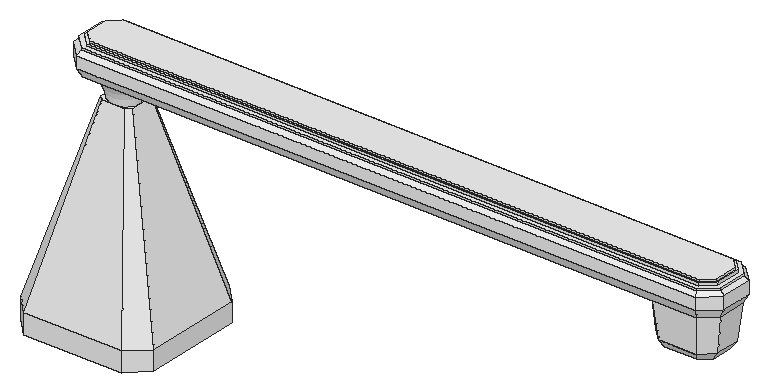
Revit family "Towel_Bar-DXV-Belshire-D35170190_Series", category Specialty Equipment, host Face, Revit 2019
Family settings
  Host = Face
  Round Connector Dimension = Use Diameter
  Part Type = Normal
  OmniClass Number = 23.40.20.21.27
  OmniClass Title = Towel Bars
  Cut with Voids When Loaded = No
  Shared = Yes
  Room Calculation Point = No
Parameters (values of type "D35170190.100")
  Width = 9 1/8"
  URL = "https://www.dxv.com/en/"
  Type Comments = ""
  Product Page URL = "https://www.dxv.com/en/product/belshire-towel-arm"
  Product Documentation Link = "https://dxv01.blob.core.windows.net/dxv-product-pdf-files/spec_D35170190_DXV_Belshire_towelarm.pdf"
  Price = "Prices may vary. Please consult Manufacturer Representative for most up-to-date price list."  # constant formula
  Model = "D35170190.100"
  Material = "Metal-DXV-100-Polished Chrome"
  Manufacturer = "DXV"
  Length = 3 9/16"
  Installation Type = "Wall Mount"
  Height = 1 7/8"
  Finish = Metal-DXV-100-Polished Chrome
  Description = "Towel Arm"
  Default Elevation = 40"
  Creation Date = "1/29/2021"
  Assembly Code = "C1030200"
Types (5): name | Model | Material | Finish
  (no name) | "D35170190.100" | "Metal-DXV-100-Polished Chrome" | Metal-DXV-100-Polished Chrome
  D35170190.100 | "D35170190.100" | "Metal-DXV-100-Polished Chrome" | Metal-DXV-100-Polished Chrome
  D35170190.144 | "D35170190.144" | "Metal-DXV-144-Brushed Nickel" | Metal-DXV-144-Brushed Nickel
  D35170190.150 | "D35170190.150" | "Metal-DXV-150-Platinum Nickel" | Metal-DXV-150-Platinum Nickel
  D35170190.427 | "D35170190.427" | "Metal-DXV-427-Stain Brass" | Metal-DXV-427-Stain Brass
Reference planes (in)
  plane 1 "Center (Front/Back)": y = 0
  plane 2: z = 0
  plane 3 "Center (Left/Right)": x = 0
  plane 4: x = -0.9375
  plane 5: x = 0.9375
  plane 6: y = 0.9375
  plane 7: y = -0.9375
  plane 8: z = 3.5625
  plane 9: x = 8.56844
  plane 10: x = -0.55656
  plane 11: y = 0.4375
  plane 12: y = -0.4375
  plane 13: x = 7.52304
Forms (in)
  Extrusion 1, solid, material "Metal-DXV-100-Polished Chrome" <- "Finish"
    sketch origin (0, 0, 0) x (1, 0, 0) y (0, 1, 0)
      loop
        line (-0.6875, 0.9375) -> (-0.9375, 0.6875) -> (-0.9375, -0.6875) -> (-0.6875, -0.9375) -> (0.6875, -0.9375) -> (0.9375, -0.6875) -> (0.9375, 0.6875) -> (0.6875, 0.9375) -> (-0.6875, 0.9375)
    from 0 to 0.2701
  Blend 2, solid, material "Metal-DXV-100-Polished Chrome" <- "Finish"
    base sketch origin (0, 0, 0) x (1, 0, 0) y (0, 1, 0)
      loop
        line (-0.6875, 0.9375) -> (-0.9375, 0.6875) -> (-0.9375, -0.6875) -> (-0.6875, -0.9375) -> (0.6875, -0.9375) -> (0.9375, -0.6875) -> (0.9375, 0.6875) -> (0.6875, 0.9375) -> (-0.6875, 0.9375)
    top sketch origin (0, 0, 0) x (1, 0, 0) y (0, 1, 0)
      loop
        line (-0.16615, 0.22656) -> (-0.22656, 0.16615) -> (-0.22656, -0.16615) -> (-0.16615, -0.22656) -> (0.16615, -0.22656) -> (0.22656, -0.16615) -> (0.22656, 0.16615) -> (0.16615, 0.22656) -> (-0.16615, 0.22656)
    from 0.2701 to 2.82319
  Revolve 3, solid, material "Metal-DXV-100-Polished Chrome" <- "Finish"
    sketch origin (0, 0, 0) x (1, 0, 0) y (0, 0, 1)
      loop
        line (0, 2.82319) -> (0, 3.12732) -> (-0.37437, 3.12732)
        arc (-0.37437, 3.12732) -> (-0.2671, 2.99078) -> (-0.22171, 2.82319) r 0.43543
        line (-0.22171, 2.82319) -> (0, 2.82319)
      axis (0, 3.12732) -> (0, 2.82319)
    angle from 0 to 360
  Extrusion 4, solid, material "Metal-DXV-100-Polished Chrome" <- "Finish"
    sketch origin (0, 0, 0) x (1, 0, 0) y (0, 1, 0)
      loop
        line (-0.33781, 0.4375) -> (-0.55656, 0.21875) -> (-0.55656, -0.21875) -> (-0.33781, -0.4375) -> (8.34969, -0.4375) -> (8.56844, -0.21875) -> (8.56844, 0.21875) -> (8.34969, 0.4375) -> (-0.33781, 0.4375)
    from 3.12732 to 3.5625
  Sweep 5, void
    path in 3D
      loop
        line (-0.55656, 0.21875, 3.12732) -> (-0.33781, 0.4375, 3.12732) -> (0, 0.4375, 3.12732) -> (8.34969, 0.4375, 3.12732) -> (8.56844, 0.21875, 3.12732) -> (8.56844, -0.21875, 3.12732) -> (8.34969, -0.4375, 3.12732) -> (0, -0.4375, 3.12732) -> (-0.33781, -0.4375, 3.12732) -> (-0.55656, -0.21875, 3.12732) -> (-0.55656, 0.21875, 3.12732)
    profile origin (-0.55656, 0, 3.12732) x (1, 0, 0) y (0, 0, -1)
      loop
        line (0, 0) -> (0, -0.11906) -> (0.05963, 0) -> (0, 0)
  Sweep 6, void
    path in 3D
      loop
        line (-0.55656, -0.21875, 3.5625) -> (-0.33781, -0.4375, 3.5625) -> (8.34969, -0.4375, 3.5625) -> (8.56844, -0.21875, 3.5625) -> (8.56844, 0.21875, 3.5625) -> (8.34969, 0.4375, 3.5625) -> (-0.33781, 0.4375, 3.5625) -> (-0.55656, 0.21875, 3.5625) -> (-0.55656, -0.21875, 3.5625)
    profile origin (-0.55656, 0, 3.5625) x (1, 0, 0) y (0, 0, 1)
      loop
        line (0, -0.14616) -> (0.05079, -0.09537) -> (0.05079, -0.0625) -> (0.11329, -0.0625) -> (0.11329, -0.03125) -> (0.14454, -0.03125) -> (0.14454, 0) -> (0, 0) -> (0, -0.14616)
  Blend 7, solid, material "Metal-DXV-100-Polished Chrome" <- "Finish"
    base sketch origin (0, 0, 0) x (1, 0, 0) y (0, 1, 0)
      loop
        line (8.32498, 0.37787) -> (7.70686, 0.37787) -> (7.52304, 0.19405) -> (7.52304, -0.19405) -> (7.70686, -0.37787) -> (8.32498, -0.37787) -> (8.5088, -0.19405) -> (8.5088, 0.19405) -> (8.32498, 0.37787)
    top sketch origin (0, 0, 0) x (1, 0, 0) y (0, 1, 0)
      loop
        line (7.58555, 0.16944) -> (7.58555, -0.16944) -> (7.74606, -0.32994) -> (8.28579, -0.32994) -> (8.44629, -0.16944) -> (8.44629, 0.16944) -> (8.28579, 0.32994) -> (7.74606, 0.32994) -> (7.58555, 0.16944)
    from 3.12732 to 2.63291
  Blend 8, solid, material "Metal-DXV-100-Polished Chrome" <- "Finish"
    base sketch origin (0, 0, 0) x (1, 0, 0) y (0, 1, 0)
      loop
        line (7.58555, -0.16944) -> (7.74606, -0.32994) -> (8.28579, -0.32994) -> (8.44629, -0.16944) -> (8.44629, 0.16944) -> (8.28579, 0.32994) -> (7.74606, 0.32994) -> (7.58555, 0.16944) -> (7.58555, -0.16944)
    top sketch origin (0, 0, 0) x (1, 0, 0) y (0, 1, 0)
      loop
        line (7.65877, 0.14061) -> (7.65877, -0.14061) -> (7.79197, -0.27381) -> (8.23988, -0.27381) -> (8.37308, -0.14061) -> (8.37308, 0.14061) -> (8.23988, 0.27381) -> (7.79197, 0.27381) -> (7.65877, 0.14061)
    from 2.63291 to 2.53033
Cuts and joins
  Sweep 6 cuts Extrusion 1
  Sweep 6 cuts Blend 2
  Sweep 6 cuts Revolve 3
  Sweep 5, Sweep 6 cuts Extrusion 4
  joined: Extrusion 1, Blend 2, Revolve 3, Extrusion 4, Blend 7
Lines and regions (in)
  Masking region 1
    outline origin (0, 0, 0) x (1, 0, 0) y (0, 0, 1)
      loop
        line (0.9375, 0.2701) -> (0.22656, 2.82319)
        arc (0.22656, 2.82319) -> (0.26756, 2.99125) -> (0.37437, 3.12732) r 0.40891
        line (0.37437, 3.12732) -> (7.52304, 3.12732) -> (7.58555, 2.63291) -> (7.65877, 2.53033) -> (8.37308, 2.53033) -> (8.44629, 2.63291) -> (8.5088, 3.12732) -> (8.56844, 3.24638) -> (8.56844, 3.41634) -> (8.51764, 3.46713) -> (8.51764, 3.5) -> (8.45514, 3.5) -> (8.45514, 3.53125) -> (8.42389, 3.53125) -> (8.42389, 3.5625) -> (-0.41202, 3.5625) -> (-0.41202, 3.53125) -> (-0.44327, 3.53125) -> (-0.44327, 3.5) -> (-0.50577, 3.5) -> (-0.50577, 3.46713) -> (-0.55656, 3.41634) -> (-0.55656, 3.24638) -> (-0.49693, 3.12732) -> (-0.37437, 3.12732)
        arc (-0.37437, 3.12732) -> (-0.26756, 2.99125) -> (-0.22656, 2.82319) r 0.40891
        line (-0.22656, 2.82319) -> (-0.9375, 0.2701) -> (-0.9375, 0) -> (0.9375, 0) -> (0.9375, 0.2701)
  sketch lines
    curve 1: line (-0.55656, -0.21875, 3.12732) -> (-0.55656, 0.21875, 3.12732)
    curve 2: line (-0.33781, -0.4375, 3.12732) -> (-0.55656, -0.21875, 3.12732)
    curve 3: line (8.34969, -0.4375, 3.12732) -> (0, -0.4375, 3.12732)
    curve 4: line (0, -0.4375, 3.12732) -> (-0.33781, -0.4375, 3.12732)
    curve 5: line (-0.55656, 0.21875, 3.12732) -> (-0.33781, 0.4375, 3.12732)
    curve 6: line (-0.33781, 0.4375, 3.12732) -> (0, 0.4375, 3.12732)
    curve 7: line (0, 0.4375, 3.12732) -> (8.34969, 0.4375, 3.12732)
    curve 8: line (8.34969, 0.4375, 3.12732) -> (8.56844, 0.21875, 3.12732)
    curve 9: line (8.56844, 0.21875, 3.12732) -> (8.56844, -0.21875, 3.12732)
    curve 10: line (8.56844, -0.21875, 3.12732) -> (8.34969, -0.4375, 3.12732)
    curve 11: line (-0.55656, 0.21875, 3.5625) -> (-0.55656, -0.21875, 3.5625)
    curve 12: line (-0.33781, 0.4375, 3.5625) -> (-0.55656, 0.21875, 3.5625)
    curve 13: line (8.34969, 0.4375, 3.5625) -> (-0.33781, 0.4375, 3.5625)
    curve 14: line (-0.55656, -0.21875, 3.5625) -> (-0.33781, -0.4375, 3.5625)
    curve 15: line (-0.33781, -0.4375, 3.5625) -> (8.34969, -0.4375, 3.5625)
    curve 16: line (8.56844, 0.21875, 3.5625) -> (8.34969, 0.4375, 3.5625)
    curve 17: line (8.34969, -0.4375, 3.5625) -> (8.56844, -0.21875, 3.5625)
    curve 18: line (8.56844, -0.21875, 3.5625) -> (8.56844, 0.21875, 3.5625)
  symbolic lines, detail levels medium+fine
    curve 19: line (0.9375, 0, 0.2701) -> (-0.9375, 0, 0.2701)
    curve 20: line (-0.22656, 0, 2.82319) -> (0.22656, 0, 2.82319)
    curve 21: line (0.37437, 0, 3.12732) -> (-0.37437, 0, 3.12732)
    curve 22: line (7.52304, 0, 3.12732) -> (8.5088, 0, 3.12732)
  symbolic lines, detail levels fine
    curve 23: line (0.6875, 0, 0.2701) -> (0.6875, 0, 0)
    curve 24: line (-0.6875, 0, 0) -> (-0.6875, 0, 0.2701)
    curve 25: line (-0.6875, 0, 0.2701) -> (-0.16615, 0, 2.82319)
    curve 26: line (0.6875, 0, 0.2701) -> (0.16615, 0, 2.82319)
    curve 27: line (-0.33781, 0, 3.24638) -> (-0.31311, 0, 3.12732)
    curve 28: line (-0.33781, 0, 3.24638) -> (-0.33781, 0, 3.41634)
    curve 29: line (-0.33781, 0, 3.41634) -> (-0.31677, 0, 3.46713)
    curve 30: line (-0.31677, 0, 3.46713) -> (-0.31677, 0, 3.5)
    curve 31: line (-0.29089, 0, 3.5) -> (-0.29089, 0, 3.53125)
    curve 32: line (-0.27794, 0, 3.53125) -> (-0.27794, 0, 3.5625)
    curve 33: line (8.28981, 0, 3.53125) -> (8.28981, 0, 3.5625)
    curve 34: line (8.30276, 0, 3.5) -> (8.30276, 0, 3.53125)
    curve 35: line (8.34969, 0, 3.41634) -> (8.34969, 0, 3.24638)
    curve 36: line (8.34969, 0, 3.41634) -> (8.32865, 0, 3.46713)
    curve 37: line (8.32865, 0, 3.46713) -> (8.32865, 0, 3.5)
    curve 38: line (8.34969, 0, 3.24638) -> (8.32498, 0, 3.12732)
    curve 39: line (8.28579, 0, 2.63291) -> (8.32498, 0, 3.12732)
    curve 40: line (7.74606, 0, 2.63291) -> (7.70686, 0, 3.12732)
    curve 41: line (7.79197, 0, 2.53033) -> (7.74606, 0, 2.63291)
    curve 42: line (8.23988, 0, 2.53033) -> (8.28579, 0, 2.63291)
    curve 43: line (8.44629, 0, 2.63291) -> (7.58555, 0, 2.63291)
    curve 44: line (-0.33781, 0, 3.24638) -> (-0.55656, 0, 3.24638)
    curve 45: line (-0.55656, 0, 3.41634) -> (-0.33781, 0, 3.41634)
    curve 46: line (-0.50577, 0, 3.46713) -> (-0.31677, 0, 3.46713)
    curve 47: line (-0.44327, 0, 3.5) -> (8.45514, 0, 3.5)
    curve 48: line (-0.41202, 0, 3.53125) -> (8.42389, 0, 3.53125)
    curve 49: line (8.32865, 0, 3.46713) -> (8.51764, 0, 3.46713)
    curve 50: line (-0.31677, 0, 3.46713) -> (8.32865, 0, 3.46713)
    curve 51: line (-0.33781, 0, 3.41634) -> (8.34969, 0, 3.41634)
    curve 52: line (8.34969, 0, 3.24638) -> (-0.33781, 0, 3.24638)
    curve 53: line (8.34969, 0, 3.41634) -> (8.56844, 0, 3.41634)
    curve 54: line (8.56844, 0, 3.24638) -> (8.34969, 0, 3.24638)
Dimensions and locks (in)
  equal spacing: plane 4, plane 3 "Center (Left/Right)", plane 5
  locked: plane 4 to plane 5 at 1.875
  equal spacing: plane 6, plane 1 "Center (Front/Back)", plane 7
  "Height": plane 6 to plane 7
  Extrusion 1 sketch curve to Extrusion 1 sketch curve to plane 3 "Center (Left/Right)" to Extrusion 1 sketch curve to Extrusion 1 sketch curve = 0" locked, 11/16" locked, 11/16" locked, 0" locked
  Extrusion 1 sketch curve to Extrusion 1 sketch curve to plane 1 "Center (Front/Back)" to Extrusion 1 sketch curve to Extrusion 1 sketch curve = 0" locked, 11/16" locked, 11/16" locked, 0" locked
  "Length": host face to plane 8
  "Width": plane 9 to plane 10
  locked: host face to Extrusion 1 at 0.2701
  equal spacing: plane 12, plane 1 "Center (Front/Back)", plane 11
  locked: plane 11 to plane 12 at 0.875
  host face to Revolve 3 sketch curve to Revolve 3 sketch curve = 2.79544" locked, 0.33188" locked
  Blend 2 sketch curve to Blend 2 sketch curve to Blend 2 sketch curve to plane 3 "Center (Left/Right)" to Blend 2 sketch curve to Blend 2 sketch curve to Blend 2 sketch curve = 0.06042" locked, 0" locked, 0.16615" locked, 0.16615" locked, 0" locked, 0.06042" locked
  Blend 2 sketch curve to Blend 2 sketch curve to Blend 2 sketch curve to plane 1 "Center (Front/Back)" to Blend 2 sketch curve to Blend 2 sketch curve to Blend 2 sketch curve = 0.06042" locked, 0" locked, 0.16615" locked, 0.16615" locked, 0" locked, 0.06042" locked
  locked: Revolve 3 sketch curve to Revolve 3 sketch curve at 0.65625
  Blend 7 sketch curve to Blend 7 sketch curve to Blend 7 sketch curve to plane 1 "Center (Front/Back)" to Blend 7 sketch curve to Blend 7 sketch curve to Blend 7 sketch curve = 0.18382" locked, 0" locked, 0.19405" locked, 0.19405" locked, 0" locked, 0.18382" locked
  Blend 7 sketch curve to Blend 7 sketch curve to Blend 7 sketch curve to Blend 7 sketch curve to Blend 7 sketch curve to Blend 7 sketch curve to plane 9 = 0.18382" locked, 0" locked, 0.61812" locked, 0" locked, 0.18382" locked, 0.05963" locked
  Blend 7 sketch curve to Blend 7 sketch curve to Blend 7 sketch curve to plane 1 "Center (Front/Back)" to Blend 7 sketch curve to Blend 7 sketch curve to Blend 7 sketch curve = 0.1605" locked, 0" locked, 0.16944" locked, 0.16944" locked, 0" locked, 0.1605" locked
  Blend 7 sketch curve to Blend 7 sketch curve to Blend 7 sketch curve to Blend 7 sketch curve to Blend 7 sketch curve to Blend 7 sketch curve to plane 9 = 0.1605" locked, 0" locked, 0.53973" locked, 0" locked, 0.1605" locked, 0.12214" locked
  locked: cut or joined group of Extrusion 1, Blend 2, Revolve 3, Extrusion 4, Sweep 5, Sweep 6, Blend 7 to plane 8 at 0.92959
  locked: Blend 8 to plane 8 at 1.03217
  Blend 8 sketch curve to Blend 8 sketch curve to Blend 8 sketch curve to Blend 8 sketch curve to Blend 8 sketch curve to Blend 8 sketch curve to plane 9 = 0.1332" locked, 0" locked, 0.44791" locked, 0" locked, 0.1332" locked, 0.19536" locked
  Blend 8 sketch curve to Blend 8 sketch curve to Blend 8 sketch curve to plane 1 "Center (Front/Back)" to Blend 8 sketch curve to Blend 8 sketch curve to Blend 8 sketch curve = 0.1332" locked, 0" locked, 9/64" locked, 9/64" locked, 0" locked, 0.1332" locked
  plane 3 "Center (Left/Right)" to Sweep 6 sketch curve to Sweep 6 sketch curve to Sweep 6 sketch curve to Sweep 6 sketch curve = 0.41202" locked, 1/32" locked, 1/16" locked, 13/256" locked
  Sweep 6 sketch curve to Sweep 6 sketch curve to Sweep 6 sketch curve to Sweep 6 sketch curve to plane 8 = 13/256" locked, 0.03287" locked, 1/32" locked, 1/32" locked
  aligned and locked: plane 2 to host face
  aligned and locked: level to host face
  aligned and locked: Extrusion 1 sketch curve to plane 6
  aligned and locked: Extrusion 1 sketch curve to plane 5
  aligned and locked: plane 7 to Extrusion 1 sketch curve
  aligned and locked: plane 4 to Extrusion 1 sketch curve
  aligned and locked: Blend 2 sketch curve to Extrusion 1  (x8)
  aligned and locked: Blend 2 to Extrusion 1
  aligned and locked: plane 3 "Center (Left/Right)" to Revolve 3 sketch curve
  aligned and locked: Revolve 3 sketch curve to plane 3 "Center (Left/Right)"
  aligned and locked: Revolve 3 sketch curve to cut or joined group of Extrusion 1, Blend 2, Revolve 3, Extrusion 4, Sweep 5, Sweep 6, Blend 7
  aligned and locked: Extrusion 4 sketch curve to plane 11
  aligned and locked: Extrusion 4 sketch curve to plane 10
  aligned and locked: plane 12 to Extrusion 4 sketch curve
  aligned and locked: Extrusion 4 sketch curve to plane 9
  aligned and locked: Extrusion 4 to cut or joined group of Extrusion 1, Blend 2, Revolve 3, Extrusion 4, Sweep 5, Sweep 6, Blend 7
  aligned and locked: plane 8 to Extrusion 4
  aligned and locked: Blend 8 sketch curve to cut or joined group of Extrusion 1, Blend 2, Revolve 3, Extrusion 4, Sweep 5, Sweep 6, Blend 7  (x8)
  aligned and locked: Blend 8 to cut or joined group of Extrusion 1, Blend 2, Revolve 3, Extrusion 4, Sweep 5, Sweep 6, Blend 7
  aligned and locked: Masking region 1 sketch curve to cut or joined group of Extrusion 1, Blend 2, Revolve 3, Extrusion 4, Sweep 5, Sweep 6, Blend 7  (x24)
  aligned and locked: cut or joined group of Extrusion 1, Blend 2, Revolve 3, Extrusion 4, Sweep 5, Sweep 6, Blend 7 to Masking region 1 sketch curve
  aligned and locked: Masking region 1 sketch curve to Blend 8  (x3)
  aligned and locked: Sweep 6 sketch curve to plane 8
  aligned and locked: curve 19 to cut or joined group of Extrusion 1, Blend 2, Revolve 3, Extrusion 4, Sweep 5, Sweep 6, Blend 7  (x2)
  aligned and locked: curve 20 to cut or joined group of Extrusion 1, Blend 2, Revolve 3, Extrusion 4, Sweep 5, Sweep 6, Blend 7
  aligned and locked: curve 21 to cut or joined group of Extrusion 1, Blend 2, Revolve 3, Extrusion 4, Sweep 5, Sweep 6, Blend 7
  aligned and locked: curve 21 to Masking region 1
  aligned and locked: curve 22 to plane 13
  aligned and locked: Masking region 1 to curve 22
  aligned and locked: curve 23 to cut or joined group of Extrusion 1, Blend 2, Revolve 3, Extrusion 4, Sweep 5, Sweep 6, Blend 7
  aligned and locked: curve 24 to cut or joined group of Extrusion 1, Blend 2, Revolve 3, Extrusion 4, Sweep 5, Sweep 6, Blend 7
  aligned and locked: curve 25 to cut or joined group of Extrusion 1, Blend 2, Revolve 3, Extrusion 4, Sweep 5, Sweep 6, Blend 7
  aligned and locked: curve 26 to cut or joined group of Extrusion 1, Blend 2, Revolve 3, Extrusion 4, Sweep 5, Sweep 6, Blend 7
  aligned and locked: curve 27 to cut or joined group of Extrusion 1, Blend 2, Revolve 3, Extrusion 4, Sweep 5, Sweep 6, Blend 7
  aligned and locked: curve 28 to cut or joined group of Extrusion 1, Blend 2, Revolve 3, Extrusion 4, Sweep 5, Sweep 6, Blend 7
  aligned and locked: curve 29 to cut or joined group of Extrusion 1, Blend 2, Revolve 3, Extrusion 4, Sweep 5, Sweep 6, Blend 7
  aligned and locked: curve 30 to cut or joined group of Extrusion 1, Blend 2, Revolve 3, Extrusion 4, Sweep 5, Sweep 6, Blend 7
  aligned and locked: curve 31 to cut or joined group of Extrusion 1, Blend 2, Revolve 3, Extrusion 4, Sweep 5, Sweep 6, Blend 7
  aligned and locked: curve 32 to cut or joined group of Extrusion 1, Blend 2, Revolve 3, Extrusion 4, Sweep 5, Sweep 6, Blend 7
  aligned and locked: curve 33 to cut or joined group of Extrusion 1, Blend 2, Revolve 3, Extrusion 4, Sweep 5, Sweep 6, Blend 7
  aligned and locked: curve 34 to cut or joined group of Extrusion 1, Blend 2, Revolve 3, Extrusion 4, Sweep 5, Sweep 6, Blend 7
  aligned and locked: curve 35 to cut or joined group of Extrusion 1, Blend 2, Revolve 3, Extrusion 4, Sweep 5, Sweep 6, Blend 7
  aligned and locked: curve 36 to cut or joined group of Extrusion 1, Blend 2, Revolve 3, Extrusion 4, Sweep 5, Sweep 6, Blend 7
  aligned and locked: curve 37 to cut or joined group of Extrusion 1, Blend 2, Revolve 3, Extrusion 4, Sweep 5, Sweep 6, Blend 7
  aligned and locked: curve 38 to cut or joined group of Extrusion 1, Blend 2, Revolve 3, Extrusion 4, Sweep 5, Sweep 6, Blend 7
  aligned and locked: curve 39 to cut or joined group of Extrusion 1, Blend 2, Revolve 3, Extrusion 4, Sweep 5, Sweep 6, Blend 7
  aligned and locked: curve 40 to cut or joined group of Extrusion 1, Blend 2, Revolve 3, Extrusion 4, Sweep 5, Sweep 6, Blend 7
  aligned and locked: curve 41 to Blend 8
  aligned and locked: curve 42 to Blend 8
  aligned and locked: curve 43 to Blend 8
  aligned and locked: curve 45 to cut or joined group of Extrusion 1, Blend 2, Revolve 3, Extrusion 4, Sweep 5, Sweep 6, Blend 7
  aligned and locked: curve 46 to cut or joined group of Extrusion 1, Blend 2, Revolve 3, Extrusion 4, Sweep 5, Sweep 6, Blend 7
  aligned and locked: curve 49 to cut or joined group of Extrusion 1, Blend 2, Revolve 3, Extrusion 4, Sweep 5, Sweep 6, Blend 7
  aligned and locked: curve 50 to cut or joined group of Extrusion 1, Blend 2, Revolve 3, Extrusion 4, Sweep 5, Sweep 6, Blend 7
  aligned and locked: curve 51 to cut or joined group of Extrusion 1, Blend 2, Revolve 3, Extrusion 4, Sweep 5, Sweep 6, Blend 7
  aligned and locked: curve 52 to cut or joined group of Extrusion 1, Blend 2, Revolve 3, Extrusion 4, Sweep 5, Sweep 6, Blend 7
  aligned and locked: curve 54 to cut or joined group of Extrusion 1, Blend 2, Revolve 3, Extrusion 4, Sweep 5, Sweep 6, Blend 7
Automatic sketch dimensions
  host sketch curve to host sketch curve = 96"  (x2)
  Extrusion 4 sketch curve to plane 10 = 7/32"  (x2)
  plane 1 "Center (Front/Back)" to Extrusion 4 sketch curve = 7/32"
  Extrusion 4 sketch curve to plane 1 "Center (Front/Back)" = 7/32"
  Extrusion 4 sketch curve to Extrusion 4 sketch curve = 7/32"  (x2)
  Extrusion 4 sketch curve to plane 11 = 7/32"
  Extrusion 4 sketch curve to plane 9 = 7/32"
  profile plane to Sweep 5 sketch curve = 0"
  Sweep 5 sketch curve to profile plane = 0"
  Sweep 5 sketch curve to profile plane = 0.11906"
  Sweep 5 sketch curve to profile plane = 0.05963"
  Revolve 3 sketch curve to Revolve 3 sketch curve = 0.25206"
  Revolve 3 sketch curve to Revolve 3 sketch curve = 0.21342"
  Revolve 3 sketch curve to plane 10 = 0.18219"
  Masking region 1 sketch curve to plane 13 = 0"
  plane 10 to Masking region 1 sketch curve = 0.07877"
  Masking region 1 sketch curve to Masking region 1 sketch curve = 0.12256"
  Masking region 1 sketch curve to plane 3 "Center (Left/Right)" = 29/128"
  plane 3 "Center (Left/Right)" to Masking region 1 sketch curve = 29/128"
  Masking region 1 sketch curve to Masking region 1 sketch curve = 0.14781"
  Masking region 1 sketch curve to plane 5 = 0.30216"
  curve 19 to plane 4 = 0"
  plane 10 to curve 44 = 0"
  plane 10 to curve 45 = 0"
  curve 24 to level = 0"
  curve 23 to level = 0"
  curve 32 to plane 8 = 0"
  curve 33 to plane 8 = 0"
  curve 46 to plane 10 = 13/256"
  curve 46 to curve 47 = 1/16"
  curve 47 to curve 48 = 1/32"
  curve 21 to curve 27 = 0.06126"
  curve 20 to curve 25 = 0.06042"
  curve 26 to curve 20 = 0.06042"
  plane 13 to curve 43 = 1/16"
  curve 40 to curve 41 = 0.04591"
  curve 42 to curve 39 = 0.04591"
  curve 48 to plane 8 = 1/32"
  curve 37 to curve 48 = 0.09525"
  curve 43 to plane 9 = 0.12214"
  curve 48 to curve 47 = 1/32"
  curve 22 to plane 9 = 0.05963"
  curve 31 to curve 31 = 1/32"
  curve 49 to plane 9 = 13/256"
  curve 53 to plane 9 = 0"
  plane 9 to curve 54 = 0"
